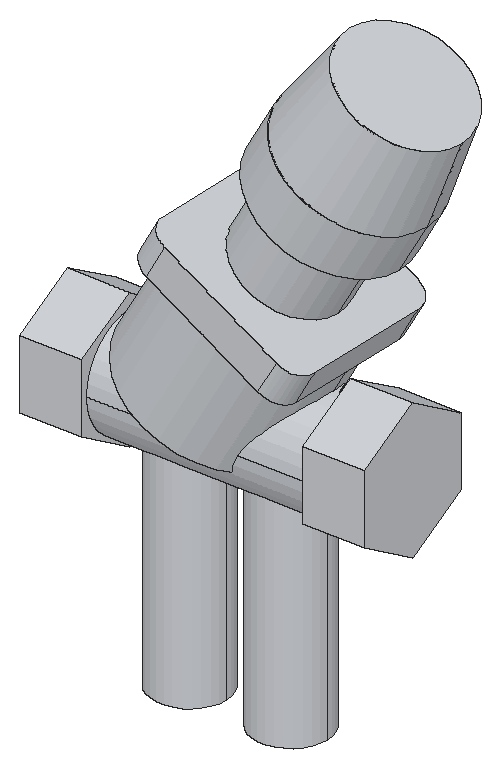
Revit family "OPTIMA_Compact_Plus_FF_DN15_2,5_RFA_2019", category Pipe Accessories, Revit 2019
Family settings
  Round Connector Dimension = Use Diameter
  Part Type = Valve - Breaks Into
  Work Plane-Based = No
  Always vertical = Yes
  Cut with Voids When Loaded = No
  Shared = No
Parameters (values of type "OPTIMA Compact Plus DN15 F-F 2.5mm")
  magiProductId = "89b348523dca4fefb6c7ae521abddd"
  magiProductFamilyId = "01be67634ee84b2d9a1468c78c5465"
  magiPartTypeId = 304
  isMeasuringValve [instance] = no
  ang2D [instance] = 0.00°
  Z = 0 mm
  X = 7 mm
  W2D = 32 mm
  VersionID = "2.0/2018.8.28.1/FRESE_OPTIMA-COMPACT-FF_001"
  Use Minimum Symbol Size [instance] = yes
  URL = "www.hydronic.cz"
  Type Comments = "vnitřní závit; PN25; 0~120°C, s měřením"
  R9 = 8 mm
  R8 = 14 mm
  R7 = 17 mm
  R6 = 12 mm
  R5 = 5 mm
  R4 = 19 mm
  R3 = 19 mm
  R2 = 12 mm
  R1 = 15 mm
  QmdConnectorList = "301;D;302;D"
  Productdata [instance] = ""
  PLG0 = yes
  Manufacturer = "Hydronic Systems Prague s.r.o."
  MC Product Code = "53-1364  (1/2\" F-F; 2.5mm; Qmin-dpmin 100l/h-14.9kPa; Qmax-dpmin 575l/h-18.5kPa; dpmax 800kPa)"
  MC Piping Given Pressure Drop [instance] = 0.0 Pa
  LL = 37.5 mm
  L3 = 11 mm
  L2D_Min = 3048 mm
  L2D = 104 mm
  L2 = 48 mm
  L1__ve = -L1  # -13.5 mm
  L1 = 13.5 mm
  H6__ve = -H6  # -57 mm
  H6 = 57 mm
  H5 = 20 mm
  H4 = 12 mm
  H3 = 18 mm
  H2 = 8 mm
  H1 = 26 mm
  Description = "Tlakově nezávislý 2-cestný regulační vyvažovací ventil (PICV)"
  D = 15 mm
  CenSd_R1_6 = R1 * cos(30.00°)  # 12.99 mm
  A = 30.00°
Types (6, lengths in mm): name | magiProductId | Z | X | R4 | R3 | R2 | R1 | MC Product Code | LL | L3 | L2 | L1__ve | L1 | H6__ve | H6 | H3 | H2 | H1 | D | CenSd_R1_6
  OPTIMA Compact Plus DN32 F-F 5.5mm | "df1c00d195034ef0b1ec6dc57a3080" | 1 | 13 | 29 | 31.5 | 22 | 26 | "53-1374  (5/4\" F-F; 5.5mm; Qmin-dpmin 550l/h-17.9kPa; Qmax-dpmin 4001l/h-28.0kPa; dpmax 800kPa)" | 52 | 12.5 | 66.56 | -18.72 | 18.72 | -68 | 68 | 16 | 10 | 46 | 32 | 22.517
  OPTIMA Compact Plus DN15 F-F 2.5mm | "89b348523dca4fefb6c7ae521abddd" | 0 | 7 | 19 | 19 | 12 | 15 | "53-1364  (1/2\" F-F; 2.5mm; Qmin-dpmin 100l/h-14.9kPa; Qmax-dpmin 575l/h-18.5kPa; dpmax 800kPa)" | 37.5 | 11 | 48 | -13.5 | 13.5 | -57 | 57 | 18 | 8 | 26 | 15 | 12.99
  OPTIMA Compact Plus DN15 F-F 5.0mm | "2e6505697e744e01b0ad9c2d669662" | 0 | 7 | 19 | 19 | 12 | 15 | "53-1365  (1/2\" F-F; 5.0mm; Qmin-dpmin 220l/h-16.0kPa; Qmax-dpmin 1330l/h-21.6kPa; dpmax 800kPa)" | 37.5 | 11 | 48 | -13.5 | 13.5 | -57 | 57 | 18 | 8 | 26 | 15 | 12.99
  OPTIMA Compact Plus DN20 F-F 5.0mm | "3b063aaad6f44e8dbcb4679e4a622e" | 0 | 10 | 19 | 19 | 13.5 | 17.5 | "53-1368  (3/4\" F-F; 5.0mm; Qmin-dpmin 220l/h-16.0kPa; Qmax-dpmin 1330l/h-21.6kPa; dpmax 800kPa)" | 39.5 | 11 | 50.56 | -14.22 | 14.22 | -59.5 | 59.5 | 18 | 8 | 26 | 20 | 15.155
  OPTIMA Compact Plus DN20 F-F 5.5mm | "6f2e419bcadf4dd2a9ff6e694a03fa" | 0 | 10 | 19 | 19 | 13.5 | 17.5 | "53-1338  (3/4\" F-F; 5.5mm; Qmin-dpmin 300l/h-17.8kPa; Qmax-dpmin 1800l/h-40.0kPa; dpmax 800kPa)" | 39.5 | 11 | 50.56 | -14.22 | 14.22 | -59.5 | 59.5 | 18 | 8 | 26 | 20 | 15.155
  OPTIMA Compact Plus DN25 F-F 5.5mm | "d9f644dbdce8417aa9c852cd9f0b5f" | 0 | 13 | 29 | 31.5 | 18.5 | 22 | "53-1373  (1\" F-F; 5.5mm; Qmin-dpmin 600l/h-17.3kPa; Qmax-dpmin 3609l/h-23.0kPa; dpmax 800kPa)" | 50 | 12.5 | 64 | -18 | 18 | -64 | 64 | 16 | 10 | 43 | 25 | 19.053
Reference planes
  plane 1 "Center (Front/Back)": y = 0
  plane 2 "XYPLANE": z = 0
  plane 3 "Center (Left/Right)": x = 0
  plane 4 "267": x = 11
  plane 5 "266": x = -11
  plane 6 "252": through (-607.519, 0, 447.746) normal (0.5, 0, 0.866)
  plane 7 "250": through (-617.519, 0, 430.426) normal (0.5, 0, 0.866)
  plane 8 "248": through (-623.519, 0, 420.033) normal (0.5, 0, 0.866)
  plane 9 "245": through (-632.519, 0, 404.445) normal (0.5, 0, 0.866)
  plane 10 "241": through (352.483, 0, 662.519) normal (0.866, 0, -0.5)
  plane 11 "240": through (385.392, 0, 643.519) normal (0.866, 0, -0.5)
  plane 12 "239": y = -19
  plane 13 "238": y = 19
  plane 14 "237": through (-636.519, 0, 397.517) normal (0.5, 0, 0.866)
  plane 15 "235": through (-649.519, 0, 375) normal (0.5, 0, 0.866)
  plane 16 "231": y = 0
  plane 17 "230": through (368.938, 0, 653.019) normal (0.866, 0, -0.5)
  plane 18 "211": x = -24
  plane 19 "204": x = 37.5
  plane 20 "203": x = -37.5
  plane 21 "202": x = 0
  plane 22 "201": z = 0
  plane 23 "200": y = 0
  plane 24 "227XY": through (-649.519, 0, 375) normal (0.5, 0, 0.866)
  plane 25 "227XZ": y = 0
  plane 26 "227YZ": through (375, 0, 649.519) normal (0.866, 0, -0.5)
Forms (mm)
  Extrusion 1, solid
    sketch origin (37.5, -750, 0) x (0, 1, 0) y (0, 0, 1)
      loop
        line (750, 15) -> (737.01, 7.5) -> (737.01, -7.5) -> (750, -15) -> (762.99, -7.5) -> (762.99, 7.5) -> (750, 15)
    from 0 to -13.5 <- "L1__ve"
  Extrusion 2, solid
    sketch origin (-37.5, -750, 0) x (0, 1, 0) y (0, 0, 1)
      loop
        line (750, 15) -> (737.01, 7.5) -> (737.01, -7.5) -> (750, -15) -> (762.99, -7.5) -> (762.99, 7.5) -> (750, 15)
    from 0 to 13.5 <- "L1"
  Extrusion 3, solid, visible <- "PLG0"
    sketch origin (-750, 0, 0) x (1, 0, 0) y (0, 1, 0)
      loop
        circle (761, 0) r 8
    from 0 to -57 <- "H6__ve"
  Extrusion 4, solid, visible <- "PLG0"
    sketch origin (-750, 0, 0) x (1, 0, 0) y (0, 1, 0)
      loop
        circle (739, 0) r 8
    from 0 to -57 <- "H6__ve"
  Blend 5, solid
    base sketch origin (-617.519, 0, 430.426) x (0.866025, 0, -0.5) y (0, 1, 0)
      loop
        circle (743, 0) r 17
    top sketch origin (-617.519, 0, 430.426) x (0.866025, 0, -0.5) y (0, 1, 0)
      loop
        circle (743, 0) r 14
    from 0 to 20
  Extrusion 6, solid
    sketch origin (-623.519, 0, 420.033) x (0.866025, 0, -0.5) y (0, 1, 0)
      loop
        circle (743, 0) r 17
    from 0 to 12 <- "H4"
  Extrusion 7, solid
    sketch origin (-632.519, 0, 404.445) x (0.866025, 0, -0.5) y (0, 1, 0)
      loop
        circle (743, 0) r 12
    from 0 to 18 <- "H3"
  Extrusion 8, solid
    sketch origin (-636.519, 0, 397.517) x (0.866025, 0, -0.5) y (0, 1, 0)
      loop
        arc (729, 19) -> (725.464, 17.536) -> (724, 14) r 5
        line (724, 14) -> (724, -14)
        arc (724, -14) -> (725.464, -17.536) -> (729, -19) r 5
        line (729, -19) -> (757, -19)
        arc (757, -19) -> (760.536, -17.536) -> (762, -14) r 5
        line (762, -14) -> (762, 14)
        arc (762, 14) -> (760.536, 17.536) -> (757, 19) r 5
        line (757, 19) -> (729, 19)
    from 0 to 8 <- "H2"
  Extrusion 9, solid
    sketch origin (-649.519, 0, 375) x (0.866025, 0, -0.5) y (0, 1, 0)
      loop
        circle (743, 0) r 19
    from 0 to 26 <- "H1"
  Extrusion 10, solid
    sketch origin (-24, -750, 0) x (0, 1, 0) y (0, 0, 1)
      loop
        circle (750, 0) r 12
    from 0 to 48 <- "L2"
  Extrusion 11, solid, not visible
    sketch origin (37.5, -750, 0) x (0, 1, 0) y (0, 0, 1)
      loop
        circle (750, 0) r 10
    from 0 to -10
  Extrusion 12, solid, not visible
    sketch origin (-37.5, -750, 0) x (0, 1, 0) y (0, 0, 1)
      loop
        circle (750, 0) r 10
    from 0 to 10
Lines and regions (mm)
  reference lines, not visible
    curve 1: circle (2, 2, 0) r 1 normal (0, 0, 1)
  reference lines
    curve 2: line (37.5, 0, 0) -> (37.5, -11.258, -6.5)
    curve 3: line (37.5, 0, 0) -> (37.5, 0, -13)
    curve 4: line (37.5, 0, 0) -> (37.5, 11.258, -6.5)
    curve 5: line (-37.5, 0, 0) -> (-37.5, 11.258, -6.5)
    curve 6: line (-37.5, 0, 0) -> (-37.5, 0, -13)
    curve 7: line (-37.5, 0, 0) -> (-37.5, -11.258, -6.5)
Dimensions and locks
  plane 1 "Center (Front/Back)" to curve 1 = 2 mm
  "L3": plane 3 "Center (Left/Right)" to plane 4 "267"
  "L3": plane 3 "Center (Left/Right)" to plane 5 "266"
  "H5": plane 7 "250" to plane 6 "252"
  "H4": plane 8 "248" to plane 7 "250"
  "H3": plane 9 "245" to plane 8 "248"
  "H2": plane 14 "237" to plane 9 "245"
  "R4": plane 17 "230" to plane 10 "241"
  "R4": plane 17 "230" to plane 11 "240"
  "R4": plane 23 "200" to plane 12 "239"
  "R4": plane 23 "200" to plane 13 "238"
  "H1": plane 15 "235" to plane 14 "237"
  "Z": plane 24 "227XY" to plane 15 "235"
  locked: plane 23 "200" to plane 16 "231"
  "X": plane 26 "227YZ" to plane 17 "230"
  "L1": plane 20 "203" to plane 18 "211"
  "LL": plane 3 "Center (Left/Right)" to plane 19 "204"
  "LL": plane 3 "Center (Left/Right)" to plane 20 "203"
  locked: plane 3 "Center (Left/Right)" to plane 21 "202"
  locked: plane 2 "XYPLANE" to plane 22 "201"
  locked: plane 1 "Center (Front/Back)" to plane 23 "200"
  "CenSd_R1_6": curve 2 to Extrusion 1 sketch curve  (x2)
  "CenSd_R1_6": curve 3 to Extrusion 1 sketch curve  (x2)
  "CenSd_R1_6": curve 4 to Extrusion 1 sketch curve  (x2)
  Extrusion 1 sketch curve to Extrusion 1 sketch curve = 0 mm  (x12)
  "CenSd_R1_6": curve 5 to Extrusion 2 sketch curve  (x2)
  "CenSd_R1_6": curve 6 to Extrusion 2 sketch curve  (x2)
  "CenSd_R1_6": curve 7 to Extrusion 2 sketch curve  (x2)
  Extrusion 2 sketch curve to Extrusion 2 sketch curve = 0 mm  (x12)
  Extrusion 8 sketch curve to Extrusion 8 sketch curve = 0 mm  (x16)
  "R9": radius of Extrusion 3 sketch curve
  "R9": radius of Extrusion 4 sketch curve
  "R8": radius of Blend 5 sketch curve
  "R7": radius of Blend 5 sketch curve
  "R7": radius of Extrusion 6 sketch curve
  "R6": radius of Extrusion 7 sketch curve
  "R5": radius of Extrusion 8 sketch curve  (x4)
  "R3": radius of Extrusion 9 sketch curve
  "R2": radius of Extrusion 10 sketch curve
  locked: curve 3 to curve 2 (angle 60.00°)
  locked: curve 4 to curve 3 (angle 60.00°)
  locked: curve 4 to curve 2 (angle 120.00°)
  locked: curve 6 to curve 5 (angle 60.00°)
  locked: curve 7 to curve 6 (angle 60.00°)
  locked: curve 7 to curve 5 (angle 120.00°)
  aligned and locked: level to plane 2 "XYPLANE"
  aligned and locked: plane 22 "201" to curve 4
  aligned and locked: curve 4 to plane 23 "200"
  aligned and locked: plane 22 "201" to curve 7
  aligned and locked: curve 7 to plane 23 "200"
  aligned and locked: plane 4 "267" to Extrusion 3 sketch curve
  aligned and locked: plane 23 "200" to Extrusion 3 sketch curve
  aligned and locked: plane 5 "266" to Extrusion 4 sketch curve
  aligned and locked: plane 23 "200" to Extrusion 4 sketch curve
  aligned and locked: plane 16 "231" to Blend 5 sketch curve  (x2)
  aligned and locked: Blend 5 sketch curve to plane 17 "230"  (x2)
  aligned and locked: plane 6 "252" to Blend 5
  aligned and locked: plane 16 "231" to Extrusion 6 sketch curve
  aligned and locked: Extrusion 6 sketch curve to plane 17 "230"
  aligned and locked: plane 16 "231" to Extrusion 7 sketch curve
  aligned and locked: Extrusion 7 sketch curve to plane 17 "230"
  aligned and locked: Extrusion 8 sketch curve to plane 10 "241"
  aligned and locked: Extrusion 8 sketch curve to plane 12 "239"
  aligned and locked: Extrusion 8 sketch curve to plane 11 "240"
  aligned and locked: plane 13 "238" to Extrusion 8 sketch curve
  aligned and locked: plane 16 "231" to Extrusion 9 sketch curve
  aligned and locked: Extrusion 9 sketch curve to plane 17 "230"
  aligned and locked: plane 22 "201" to Extrusion 10 sketch curve
  aligned and locked: Extrusion 10 sketch curve to plane 23 "200"
  aligned and locked: plane 22 "201" to Extrusion 11 sketch curve
  aligned and locked: Extrusion 11 sketch curve to plane 23 "200"
  aligned and locked: plane 22 "201" to Extrusion 12 sketch curve
  aligned and locked: Extrusion 12 sketch curve to plane 23 "200"
Automatic sketch dimensions
  plane 1 "Center (Front/Back)" to Extrusion 11 sketch curve = 10 mm
  plane 1 "Center (Front/Back)" to Extrusion 12 sketch curve = 10 mm
  plane 3 "Center (Left/Right)" to curve 1 = 2 mm
  radius of curve 1 = 1 mm
Connectors
  piping at (-37.5, 0, 0), diameter 15, driven by "D"
    settings: on Extrusion 12, index 1, connector inside diameter 609.6 mm, connector length 0 mm, flow factor 0, pipe flow 0.0 L/s, pressure drop 0.0 Pa, fitting loss kfactor 0, connector angle 0.00°, fixture units 0, engagement length 0 mm, angle of deflection 0.00°, flow configuration 0, flow direction 0, fitting loss method 0, system type 29, joint type 0, gender type 0, connector reference index 2, connector utility 0, adjustable connector no, is connector primary yes, connector description ""
  piping at (37.5, 0, 0), diameter 15, driven by "D"
    settings: on Extrusion 11, index 2, connector inside diameter 609.6 mm, connector length 0 mm, flow factor 0, pipe flow 0.0 L/s, pressure drop 0.0 Pa, fitting loss kfactor 0, connector angle 0.00°, fixture units 0, engagement length 0 mm, angle of deflection 0.00°, flow configuration 0, flow direction 0, fitting loss method 0, system type 29, joint type 0, gender type 0, connector reference index 1, connector utility 0, adjustable connector no, is connector primary no, connector description ""
